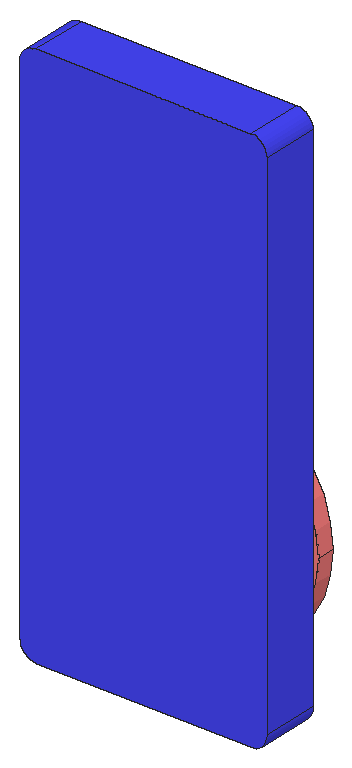
Revit family "Building-IEC309Connections-GEWISS-67IB-INTERLOCKED-SOCKET-OUTLETS_IP67_WITHOUT_BOTTOM", category Apparecchi elettrici, host Muro, Revit 2016 (continued)
Definition of nested family "PRESAINDSTAGNA"
  Definition of nested family "PRESAINDSTAGNA_BASE"
    Lines and regions (mm)
      detail lines
        curve 13: line (-0.333, 0.437, 0) -> (-0.333, 2.059, 0)
        curve 14: line (0.222, 1.399, 0) -> (0.569, 1.199, 0)
        curve 15: line (-0.723, 0.437, 0) -> (0.057, 0.437, 0)
        curve 16: line (-0.333, 0.81, 0) -> (-0.216, 0.928, 0)
        curve 17: line (-0.333, 0.741, 0) -> (-0.147, 0.928, 0)
        curve 18: line (-0.333, 0.672, 0) -> (-0.078, 0.928, 0)
        curve 19: line (-0.333, 0.603, 0) -> (-0.106, 0.831, 0)
        curve 20: line (-0.333, 0.534, 0) -> (-0.2, 0.668, 0)
        curve 22: arc (-0.723, 0.047, 0) -> (-0.333, 0.437, 0) -> (0.057, 0.047, 0) r 0.39
        curve 23: line (-0.8, 2.1, 0) -> (0.8, 2.1, 0)
        curve 24: line (-0.8, 0, 0) -> (-0.8, 2.1, 0)
        curve 25: line (0.8, 0, 0) -> (-0.8, 0, 0)
        curve 26: line (0.8, 2.1, 0) -> (0.8, 0, 0)
      detail lines, visible <- "3P"
        curve 21: line (0.028, 1.061, 0) -> (0.374, 0.861, 0)
Types (23, lengths in mm): name | Tipo Simbolo | Technical sheet | Reference h | Rated voltage: | Rated voltage | Rated current (In) | Rated current (A) | Presa | Potenza | Numero poli | Number of poles | No. of poles | Modello | Immagine tipo | IDT | EAN code | Descrizione | Colour: | Colour
  GW66301N - 16A 2P+E 110V V.INT.SOCK.O.N.B.4H SBF | PRESAINDSTAGNA : 2P | "https://www.gewiss.com/ww/en/search?q=GW66301N" | "4" | "100 - 130 V" | "100 - 130 V" | "16" | "16" | GEWISS - GIALLO | 110 V | 2 | "2P+E" | "2P+E" | "GW66301N" | GW66301N.jpg | "1fb9f3ad-5e5b-49f7-bd51-87b15efa7457" | "8011564741560" | "16A 2P+E 110V V.INT.SOCK.O.N.B.4H SBF" | "Yellow" | "Yellow"
  GW66302N - 16A 3P+E 110V V.INT.SOCK.O.N.B.4H SBF | PRESAINDSTAGNA : 3P | "https://www.gewiss.com/ww/en/search?q=GW66302N" | "4" | "100 - 130 V" | "100 - 130 V" | "16" | "16" | GEWISS - GIALLO | 110 V | 3 | "3P+E" | "3P+E" | "GW66302N" | GW66301N.jpg | "d76a8e6a-f22b-498f-b40c-c817641f666d" | "8011564741577" | "16A 3P+E 110V V.INT.SOCK.O.N.B.4H SBF" | "Yellow" | "Yellow"
  GW66303N - 16A 3P+N+E 110V V.INT.SOCK.O.N.B.4H SBF | PRESAINDSTAGNA : 3P | "https://www.gewiss.com/ww/en/search?q=GW66303N" | "4" | "100 - 130 V" | "100 - 130 V" | "16" | "16" | GEWISS - GIALLO | 110 V | 3 | "3P+N+E" | "3P+N+E" | "GW66303N" | GW66301N.jpg | "fa2fca33-36dd-4127-9653-6c48f71cc3f4" | "8011564741584" | "16A 3P+N+E 110V V.INT.SOCK.O.N.B.4H SBF" | "Yellow" | "Yellow"
  GW66304N - 16A 2P+E 230V V.INT.SOCK.O.N.B.6H SBF | PRESAINDSTAGNA : 2P | "https://www.gewiss.com/ww/en/search?q=GW66304N" | "6" | "200 - 250 V" | "200 - 250 V" | "16" | "16" | GEWISS -BLU | 110 V | 2 | "2P+E" | "2P+E" | "GW66304N" | GW66304N.jpg | "d421af1f-dea4-4f3e-8455-e2db01ab88bf" | "8011564741591" | "16A 2P+E 230V V.INT.SOCK.O.N.B.6H SBF" | "Blue" | "Blue"
  GW66305N - 16A 3P+E 230V V.INT.SOCK.O.N.B.9H SBF | PRESAINDSTAGNA : 3P | "https://www.gewiss.com/ww/en/search?q=GW66305N" | "9" | "200 - 250 V" | "200 - 250 V" | "16" | "16" | GEWISS -BLU | 230 V | 3 | "3P+E" | "3P+E" | "GW66305N" | GW66304N.jpg | "4f49d35e-1477-4fb3-8ba1-6e93a982f08f" | "8011564741607" | "16A 3P+E 230V V.INT.SOCK.O.N.B.9H SBF" | "Blue" | "Blue"
  GW66306N - 16A 3P+N+E 230V V.INT.SOCK.O.N.B.9H SBF | PRESAINDSTAGNA : 3P | "https://www.gewiss.com/ww/en/search?q=GW66306N" | "9" | "200 - 250 V" | "200 - 250 V" | "16" | "16" | GEWISS -BLU | 230 V | 3 | "3P+N+E" | "3P+N+E" | "GW66306N" | GW66304N.jpg | "5e8b19e6-d986-45cf-aa7a-fde1693e1db7" | "8011564741614" | "16A 3P+N+E 230V V.INT.SOCK.O.N.B.9H SBF" | "Blue" | "Blue"
  GW66307N - 16A 2P+E 400V V.INT.SOCK.O.N.B.6H SBF | PRESAINDSTAGNA : 2P | "https://www.gewiss.com/ww/en/search?q=GW66307N" | "9" | "380 - 415 V" | "380 - 415 V" | "16" | "16" | GW - ROSSO | 400 V | 2 | "2P+E" | "2P+E" | "GW66307N" | GW66307N.jpg | "5afcc77c-1db4-4fa3-85b9-b415a9a7cb98" | "8011564741621" | "16A 2P+E 400V V.INT.SOCK.O.N.B.6H SBF" | "Red" | "Red"
  GW66308N - 16A 3P+E 400V V.INT.SOCK.O.N.B.9H SBF | PRESAINDSTAGNA : 3P | "https://www.gewiss.com/ww/en/search?q=GW66308N" | "6" | "380 - 415 V" | "380 - 415 V" | "16" | "16" | GW - ROSSO | 400 V | 3 | "3P+E" | "3P+E" | "GW66308N" | GW66307N.jpg | "3b46b53c-a713-49d6-a213-0c6e885ae3a7" | "8011564741638" | "16A 3P+E 400V V.INT.SOCK.O.N.B.9H SBF" | "Red" | "Red"
  GW66309N - 16A 3P+N+E 400V V.INT.SOCK.O.N.B.9H SBF | PRESAINDSTAGNA : 3P | "https://www.gewiss.com/ww/en/search?q=GW66309N" | "6" | "380 - 415 V" | "380 - 415 V" | "16" | "16" | GW - ROSSO | 400 V | 3 | "3P+N+E" | "3P+N+E" | "GW66309N" | GW66307N.jpg | "79124a5a-4e34-40a6-9e89-7dbde872828d" | "8011564741645" | "16A 3P+N+E 400V V.INT.SOCK.O.N.B.9H SBF" | "Red" | "Red"
  GW66310N - 16A 3P+E 500V V.INT.SOCK.O.N.B.7H SBF | PRESAINDSTAGNA : 3P | "https://www.gewiss.com/ww/en/search?q=GW66310N" | "7" | "480 - 500 V" | "480 - 500 V" | "16" | "16" | GEWISS - NERO | 500 V | 3 | "3P+E" | "3P+E" | "GW66310N" | GW66310N.jpg | "0a33f502-2c97-4aad-8415-416df6868e0d" | "8011564741652" | "16A 3P+E 500V V.INT.SOCK.O.N.B.7H SBF" | "Black" | "Black"
  GW66311N - 16A 3P+N+E 500V V.INT.SOCK.O.N.B.7H SBF | PRESAINDSTAGNA : 3P | "https://www.gewiss.com/ww/en/search?q=GW66311N" | "7" | "480 - 500 V" | "480 - 500 V" | "16" | "16" | GEWISS - NERO | 500 V | 3 | "3P+N+E" | "3P+N+E" | "GW66311N" | GW66310N.jpg | "fe4f7bea-3d0d-41aa-8395-f3a04442719d" | "8011564741669" | "16A 3P+N+E 500V V.INT.SOCK.O.N.B.7H SBF" | "Black" | "Black"
  GW66312N - 32A 2P+E 110V V.INT.SOCK.O.N.B.4H SBF | PRESAINDSTAGNA : 2P | "https://www.gewiss.com/ww/en/search?q=GW66312N" | "4" | "100 - 130 V" | "100 - 130 V" | "32" | "32" | GEWISS - GIALLO | 110 V | 2 | "2P+E" | "2P+E" | "GW66312N" | GW66301N.jpg | "e7f30baf-6d72-433e-8267-587e6466b320" | "8011564741676" | "32A 2P+E 110V V.INT.SOCK.O.N.B.4H SBF" | "Yellow" | "Yellow"
  GW66313N - 32A 3P+E 110V V.INT.SOCK.O.N.B.4H SBF | PRESAINDSTAGNA : 3P | "https://www.gewiss.com/ww/en/search?q=GW66313N" | "4" | "100 - 130 V" | "100 - 130 V" | "32" | "32" | GEWISS - GIALLO | 110 V | 3 | "3P+E" | "3P+E" | "GW66313N" | GW66301N.jpg | "30e0181a-1585-4a73-8968-dd7d21b4d40a" | "8011564741683" | "32A 3P+E 110V V.INT.SOCK.O.N.B.4H SBF" | "Yellow" | "Yellow"
  GW66314N - 32A 3P+N+E 110V V.INT.SOCK.O.N.B.4H SBF | PRESAINDSTAGNA : 3P | "https://www.gewiss.com/ww/en/search?q=GW66314N" | "4" | "100 - 130 V" | "100 - 130 V" | "32" | "32" | GEWISS - GIALLO | 110 V | 3 | "3P+N+E" | "3P+N+E" | "GW66314N" | GW66301N.jpg | "4e80f8e2-55a5-49bf-854b-e14bd3cf1a8b" | "8011564741690" | "32A 3P+N+E 110V V.INT.SOCK.O.N.B.4H SBF" | "Yellow" | "Yellow"
  GW66315N - 32A 2P+E 230V V.INT.SOCK.O.N.B.6H SBF | PRESAINDSTAGNA : 2P | "https://www.gewiss.com/ww/en/search?q=GW66315N" | "6" | "200 - 250 V" | "200 - 250 V" | "32" | "32" | GEWISS -BLU | 230 V | 2 | "2P+E" | "2P+E" | "GW66315N" | GW66304N.jpg | "691c93a8-a2ae-407b-92ba-29b71341c377" | "8011564741706" | "32A 2P+E 230V V.INT.SOCK.O.N.B.6H SBF" | "Blue" | "Blue"
  GW66316N - 32A 3P+E 230V V.INT.SOCK.O.N.B.9H SBF | PRESAINDSTAGNA : 3P | "https://www.gewiss.com/ww/en/search?q=GW66316N" | "9" | "200 - 250 V" | "200 - 250 V" | "32" | "32" | GEWISS -BLU | 230 V | 3 | "3P+E" | "3P+E" | "GW66316N" | GW66304N.jpg | "08f4e14f-baad-43c4-b7db-831c9d60c77a" | "8011564741713" | "32A 3P+E 230V V.INT.SOCK.O.N.B.9H SBF" | "Blue" | "Blue"
  GW66317N - 32A 3P+N+E 230V V.INT.SOCK.O.N.B.9H SBF | PRESAINDSTAGNA : 3P | "https://www.gewiss.com/ww/en/search?q=GW66317N" | "9" | "200 - 250 V" | "200 - 250 V" | "32" | "32" | GEWISS -BLU | 230 V | 3 | "3P+N+E" | "3P+N+E" | "GW66317N" | GW66304N.jpg | "c6529567-d349-4355-a2bf-659be6d54e84" | "8011564741720" | "32A 3P+N+E 230V V.INT.SOCK.O.N.B.9H SBF" | "Blue" | "Blue"
  GW66318N - 32A 2P+E 400V V.INT.SOCK.O.N.B.6H SBF | PRESAINDSTAGNA : 2P | "https://www.gewiss.com/ww/en/search?q=GW66318N" | "9" | "380 - 415 V" | "380 - 415 V" | "32" | "32" | GW - ROSSO | 400 V | 2 | "2P+E" | "2P+E" | "GW66318N" | GW66307N.jpg | "c5d3d553-e705-496f-8240-92318c7e9663" | "8011564741737" | "32A 2P+E 400V V.INT.SOCK.O.N.B.6H SBF" | "Red" | "Red"
  GW66319N - 32A 3P+E 400V V.INT.SOCK.O.N.B.9H SBF | PRESAINDSTAGNA : 3P | "https://www.gewiss.com/ww/en/search?q=GW66319N" | "6" | "380 - 415 V" | "380 - 415 V" | "32" | "32" | GW - ROSSO | 400 V | 3 | "3P+E" | "3P+E" | "GW66319N" | GW66307N.jpg | "91aca365-0d1f-4594-a86c-8811287e9a9b" | "8011564741744" | "32A 3P+E 400V V.INT.SOCK.O.N.B.9H SBF" | "Red" | "Red"
  GW66320N - 32A 3P+N+E 400V V.INT.SOCK.O.N.B.9H SBF | PRESAINDSTAGNA : 3P | "https://www.gewiss.com/ww/en/search?q=GW66320N" | "6" | "380 - 415 V" | "380 - 415 V" | "32" | "32" | GW - ROSSO | 400 V | 3 | "3P+N+E" | "3P+N+E" | "GW66320N" | GW66307N.jpg | "32dabdd3-fd15-4a7c-9bee-6454620550a7" | "8011564741751" | "32A 3P+N+E 400V V.INT.SOCK.O.N.B.9H SBF" | "Red" | "Red"
  GW66321N - 32A 3P+E 500V V.INT.SOCK.O.N.B.7H SBF | PRESAINDSTAGNA : 3P | "https://www.gewiss.com/ww/en/search?q=GW66321N" | "7" | "480 - 500 V" | "480 - 500 V" | "32" | "32" | GEWISS - NERO | 500 V | 3 | "3P+E" | "3P+E" | "GW66321N" | GW66310N.jpg | "90e2d996-bd20-4d8b-babf-f3dfbbf02051" | "8011564741768" | "32A 3P+E 500V V.INT.SOCK.O.N.B.7H SBF" | "Black" | "Black"
  GW66322N - 32A 3P+N+E 500V V.INT.SOCK.O.N.B.7H SBF | PRESAINDSTAGNA : 3P | "https://www.gewiss.com/ww/en/search?q=GW66322N" | "7" | "480 - 500 V" | "480 - 500 V" | "32" | "32" | GEWISS - NERO | 500 V | 3 | "3P+N+E" | "3P+N+E" | "GW66322N" | GW66310N.jpg | "18576ba8-5670-49af-9156-21b0f7471fcd" | "8011564741775" | "32A 3P+N+E 500V V.INT.SOCK.O.N.B.7H SBF" | "Black" | "Black"
  GW66357N - 32A 3P+E 380V V.INT.SOCK.O.N.B.3H SBF | PRESAINDSTAGNA : 3P | "https://www.gewiss.com/ww/en/search?q=GW66357N" | "3" | "380 - 440 V" | "380 - 440 V" | "32" | "32" | GW - ROSSO | 400 V | 3 | "3P+E" | "3P+E" | "GW66357N" | GW66307N.jpg | "c02ff193-3075-4b5a-ac4b-08e79c84e21a" | "8011564742116" | "32A 3P+E 380V V.INT.SOCK.O.N.B.3H SBF" | "Red" | "Red"
